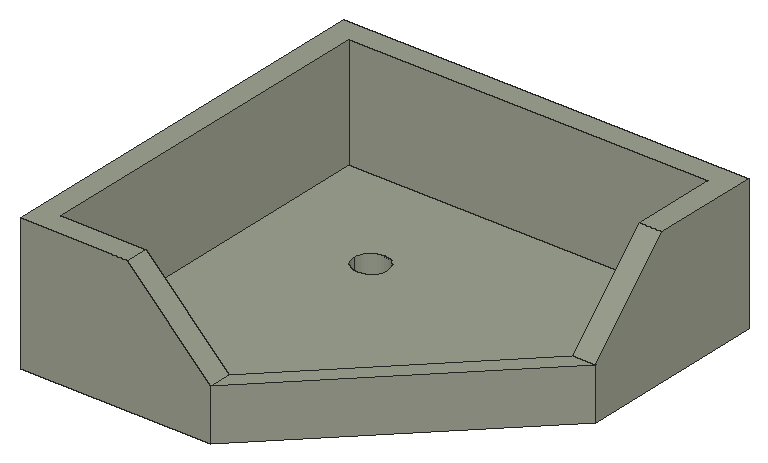
Revit family
Parameters (values of type "TNC-36")
  URL = "http://www.acornengineering.com"
  TF2 - Tiling Flange, Two Sides = yes
  TF1 - Tiling Flange, Right = yes
  TF1 - Tiling Flange, Left = yes
  SSC - Stainless Steel Cap (requires - SH option) = yes
  SH - Standard Height (12") Front Shoulder (TNC Models Only) = yes
  OC - Optional Colors (contact factory) = yes
  Model = "TNC-36"
  Manufacturer = "Acorn Engineering"
  LB - Lint Basket/Strainer = yes
  KWG - Wall Guard (Shipped Loose) = ""
  KMH - Mop Hanger with 3 Grips on a Stainless Steel Bracket = yes
  KH36 - Hose 36" Long with Wall Hanger = yes
  KFC - Faucet, Chrome Finish (H&C) = yes
  KF - Tiling Flange(s) (Shipped Loose) = ""
  KDG3 - Rubber Drain Gasket for 3" Waste Pipe = yes
  Description = "Terrazzo-Ware Mop Sink - Corner Series"
  Default Elevation = 48"
  BDS - Beehive Dome Strainer = yes
Reference planes (in)
  plane 1 "Center (Front/Back)": y = 0
  plane 2: z = 0
  plane 3 "Center (Left/Right)": x = 0
  plane 4: through (0, 0, 47.24409) normal (-0.7071, 0.7071, 0)
  plane 5: through (22, -31, 47.24409) normal (-0.7071, 0.7071, 0)
Forms (in)
  Extrusion 1, solid, material "Pre-Cast Terazzo"
    sketch origin (34, 0, 0) x (0, 1, 0) y (0, 0, 1)
      loop
        line (0, 0) -> (0, 12) -> (-9.59958, 12) -> (-17, 4.59958) -> (-17, 0) -> (0, 0)
    from 0 to 2
  Extrusion 2, solid, material "Pre-Cast Terazzo"
    sketch origin (0, -34, 0) x (-1, 0, 0) y (0, 0, -1)
      loop
        line (0, 0) -> (-17, 0) -> (-17, -4.59958) -> (-9.59958, -12) -> (0, -12) -> (0, 0)
    from 0 to 2
  Extrusion 3, solid, material "Pre-Cast Terazzo"
    sketch origin (0, 0, 0) x (1, 0, 0) y (0, 1, 0)
      loop
        line (0, 0) -> (0, -36) -> (2, -36) -> (2, -2) -> (36, -2) -> (36, 0) -> (0, 0)
    from 0 to 12
  Extrusion 4, solid, material "Pre-Cast Terazzo"
    sketch origin (0, 0, 0) x (1, 0, 0) y (0, 1, 0)
      loop
        line (36, 0) -> (0, 0) -> (0, -36) -> (17, -36) -> (36, -17) -> (36, 0)
    from 0 to 2
  Extrusion 5, void
    sketch origin (0, 0, 0) x (1, 0, 0) y (0, 1, 0)
      loop
        circle (12, -12) r 1.5
    from 0 to 2
  Extrusion 6, solid, material "Pre-Cast Terazzo"
    sketch origin (22, -31, 47.24409) x (-0.707107, -0.707107, 0) y (0, 0, 1)
      loop
        line (7.07107, -47.24409) -> (7.07107, -42.64451) -> (-19.79899, -42.64451) -> (-19.79899, -47.24409) -> (7.07107, -47.24409)
    from 0 to 1.41421
Cuts and joins
  Extrusion 5 cuts Extrusion 1
  Extrusion 5 cuts Extrusion 2
  Extrusion 5 cuts Extrusion 3
  Extrusion 5 cuts Extrusion 4
  joined: Extrusion 1, Extrusion 2, Extrusion 3, Extrusion 4, Extrusion 6
Connectors (in)
  piping at (12, -12, 0)
    settings: on cut or joined group of Extrusion 1, Extrusion 2, Extrusion 3, Extrusion 4, Extrusion 5, Extrusion 6, index 1
